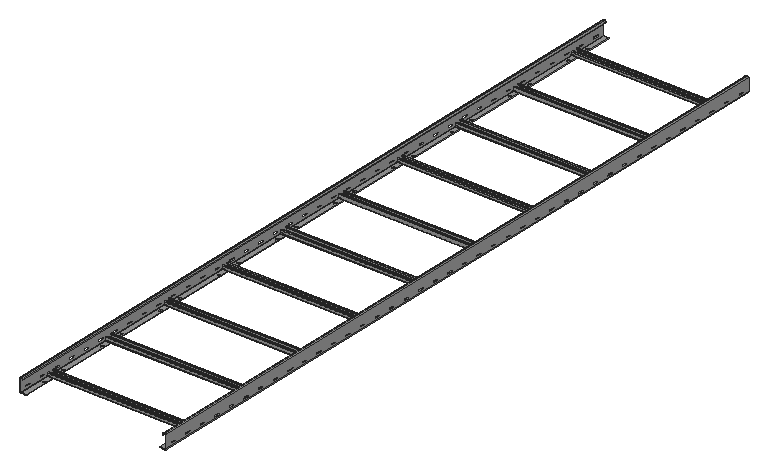
Revit family "LG 60 VS3", category Generic Models, Revit 2017
Family settings
  Can host rebar = No
  Round Connector Dimension = Use Diameter
  Part Type = Normal
  Work Plane-Based = No
  Always vertical = Yes
  Cut with Voids When Loaded = No
  Shared = No
  Room Calculation Point = No
Parameters (values of type "LG 660 VS 3 FS")
  Width/2 = 600 mm / 2  # 300 mm
  Width = 600 mm
  URL = "http://www.obo-bettermann.com"
  Material = Strip-galvanised
  Manufacturer Art.No. = "6208550"
  Manufacturer = "OBO Bettermann"
  Length = 3000 mm
  Height = 60 mm
  GTIN = "4012195064084"
  Cut's space 2 = 300 mm
  Cut's space = 75 mm
  Cut's number 2 = (Length / Cut's space 2)  # 10
  Cut's number = Length / Cut's space  # 40
  Article Type = "LG 660 VS 3 FS"
Reference planes
  plane 1 "Center (Front/Back)": y = 0
  plane 2: z = 0
  plane 3 "Center (Left/Right)": x = 0
  plane 4: z = 60
  plane 5: z = 51
  plane 6: z = 51
  plane 7: y = 37.5
  plane 8: z = 59.952
  plane 9: z = 58.389
  plane 10: z = 14
  plane 11: y = 149.969
  plane 12: x = -298.5
  plane 13: x = -323.544
  plane 14: y = 99.96
  plane 15: x = -282
  plane 16: z = 16.5
  plane 17: z = 16.565
  plane 18: z = 15
  plane 19: y = 141.46
  plane 20: y = 158.46
  plane 21: y = 441.46
  plane 22: y = 458.46
  plane 23: y = 199.96
  plane 24: y = 149.96
  plane 25: x = -300
  plane 26: x = -282
  plane 27: x = 282
  plane 28: y = 99.96
  plane 29: y = 199.96
  plane 30: y = 149.96
  plane 31: y = 149.96
  plane 32: x = 50
  plane 33: x = 100
  plane 34: x = 90
  plane 35: x = 109.86
  plane 36: x = 150
  plane 37: x = 200
  plane 38: x = 250
  plane 39: x = -50
  plane 40: x = -100
  plane 41: x = -150
  plane 42: x = -200
  plane 43: x = -210
  plane 44: x = -190.14
  plane 45: x = -250
  plane 46: y = 149.969
  plane 47: z = 16.5
  plane 48: y = 449.969
  plane 49: z = 16.5
  plane 50: y = 449.96
  plane 51: x = 50
  plane 52: x = 100
  plane 53: x = 90
  plane 54: x = 109.86
  plane 55: x = 150
  plane 56: x = 200
  plane 57: x = 250
  plane 58: x = -50
  plane 59: x = -100
  plane 60: x = -150
  plane 61: x = -200
  plane 62: x = -210
  plane 63: x = -190.14
  plane 64: x = -250
  plane 65: y = 749.969
  plane 66: z = 16.5
  plane 67: y = 749.96
  plane 68: x = 50
  plane 69: x = 100
  plane 70: x = 90
  plane 71: x = 109.86
  plane 72: x = 150
  plane 73: x = 200
  plane 74: x = 250
  plane 75: x = -50
  plane 76: x = -100
  plane 77: x = -150
  plane 78: x = -200
  plane 79: x = -210
  plane 80: x = -190.14
  plane 81: x = -250
  plane 82: y = 1049.969
  plane 83: z = 16.5
  plane 84: y = 1049.96
  plane 85: x = 50
  plane 86: x = 100
  plane 87: x = 90
  plane 88: x = 109.86
  plane 89: x = 150
  plane 90: x = 200
  plane 91: x = 250
  plane 92: x = -50
  plane 93: x = -100
  plane 94: x = -150
  plane 95: x = -200
  plane 96: x = -210
  plane 97: x = -190.14
  plane 98: x = -250
  plane 99: y = 1349.969
  plane 100: z = 16.5
  plane 101: y = 1349.96
  plane 102: x = 50
  plane 103: x = 100
  plane 104: x = 90
  plane 105: x = 109.86
  plane 106: x = 150
  plane 107: x = 200
  plane 108: x = 250
  plane 109: x = -50
  plane 110: x = -100
  plane 111: x = -150
  plane 112: x = -200
  plane 113: x = -210
  plane 114: x = -190.14
  plane 115: x = -250
  plane 116: y = 1649.969
  plane 117: z = 16.5
  plane 118: y = 1649.96
  plane 119: x = 50
  plane 120: x = 100
  plane 121: x = 90
  plane 122: x = 109.86
  plane 123: x = 150
  plane 124: x = 200
  plane 125: x = 250
  plane 126: x = -50
  plane 127: x = -100
  plane 128: x = -150
  plane 129: x = -200
  plane 130: x = -210
  plane 131: x = -190.14
  plane 132: x = -250
  plane 133: y = 1949.969
  plane 134: z = 16.5
  plane 135: y = 1949.96
  plane 136: x = 50
  plane 137: x = 100
  plane 138: x = 90
  plane 139: x = 109.86
  plane 140: x = 150
  plane 141: x = 200
  plane 142: x = 250
  plane 143: x = -50
  plane 144: x = -100
  plane 145: x = -150
  plane 146: x = -200
  plane 147: x = -210
  plane 148: x = -190.14
  plane 149: x = -250
  plane 150: y = 2249.969
  plane 151: z = 16.5
  plane 152: y = 2249.96
  plane 153: x = 50
  plane 154: x = 100
  plane 155: x = 90
  plane 156: x = 109.86
  plane 157: x = 150
  plane 158: x = 200
  plane 159: x = 250
  plane 160: x = -50
  plane 161: x = -100
  plane 162: x = -150
  plane 163: x = -200
  plane 164: x = -210
  plane 165: x = -190.14
  plane 166: x = -250
  plane 167: y = 2549.969
  plane 168: z = 16.5
  plane 169: y = 2549.96
  plane 170: x = 50
  plane 171: x = 100
  plane 172: x = 90
  plane 173: x = 109.86
  plane 174: x = 150
  plane 175: x = 200
  plane 176: x = 250
  plane 177: x = -50
  plane 178: x = -100
  plane 179: x = -150
  plane 180: x = -200
  plane 181: x = -210
  plane 182: x = -190.14
  plane 183: x = -250
  plane 184: y = 2849.969
  plane 185: z = 16.5
  plane 186: y = 2849.96
  plane 187: x = 50
  plane 188: x = 100
  plane 189: x = 90
  plane 190: x = 109.86
  plane 191: x = 150
  plane 192: x = 200
  plane 193: x = 250
  plane 194: x = -50
  plane 195: x = -100
  plane 196: x = -150
  plane 197: x = -200
  plane 198: x = -210
  plane 199: x = -190.14
  plane 200: x = -250
Forms (mm)
  Extrusion 1, solid, material "Strip-galvanised" <- "Material"
    sketch origin (0, 0, 0) x (1, 0, 0) y (0, 0, 1)
      loop
        line (-300, 53.952) -> (-300, 2.5)
        arc (-300, 2.5) -> (-299.268, 0.732) -> (-297.5, 0) r 2.5
        line (-297.5, 0) -> (-273, 0) -> (-273, 1.5) -> (-297.5, 1.5)
        arc (-297.5, 1.5) -> (-298.207, 1.793) -> (-298.5, 2.5) r 1
        line (-298.5, 2.5) -> (-298.5, 53.952)
        arc (-298.5, 53.952) -> (-294, 58.452) -> (-289.5, 53.952) r 4.5
        line (-289.5, 53.952) -> (-289.5, 51) -> (-288, 51) -> (-288, 53.952)
        arc (-288, 53.952) -> (-294, 59.952) -> (-300, 53.952) r 6
      loop
        arc (300, 54.052) -> (294, 60.052) -> (288, 54.052) r 6
        line (288, 54.052) -> (288, 51) -> (289.5, 51) -> (289.5, 54.052)
        arc (289.5, 54.052) -> (294, 58.552) -> (298.5, 54.052) r 4.5
        line (298.5, 54.052) -> (298.5, 2.5)
        arc (298.5, 2.5) -> (298.207, 1.793) -> (297.5, 1.5) r 1
        line (297.5, 1.5) -> (273, 1.5) -> (273, 0) -> (297.5, 0)
        arc (297.5, 0) -> (299.268, 0.732) -> (300, 2.5) r 2.5
        line (300, 2.5) -> (300, 54.052)
    from -3000 to 0
  Extrusion 2, void
    sketch origin (0, 0, 0) x (0, 1, 0) y (0, 0, 1)
      loop
        line (50.5, 18.5) -> (24.5, 18.5)
        arc (24.5, 18.5) -> (23.793, 18.207) -> (23.5, 17.5) r 1
        line (23.5, 17.5) -> (23.5, 10.5)
        arc (23.5, 10.5) -> (23.793, 9.793) -> (24.5, 9.5) r 1
        line (24.5, 9.5) -> (50.5, 9.5)
        arc (50.5, 9.5) -> (51.207, 9.793) -> (51.5, 10.5) r 1
        line (51.5, 10.5) -> (51.5, 17.5)
        arc (51.5, 17.5) -> (51.207, 18.207) -> (50.5, 18.5) r 1
    from 298.5 to 300
  Extrusion 3, void
    sketch origin (0, 75, 0) x (0, 1, 0) y (0, 0, 1)
      loop
        line (50.5, 18.5) -> (24.5, 18.5)
        arc (24.5, 18.5) -> (23.793, 18.207) -> (23.5, 17.5) r 1
        line (23.5, 17.5) -> (23.5, 10.5)
        arc (23.5, 10.5) -> (23.793, 9.793) -> (24.5, 9.5) r 1
        line (24.5, 9.5) -> (50.5, 9.5)
        arc (50.5, 9.5) -> (51.207, 9.793) -> (51.5, 10.5) r 1
        line (51.5, 10.5) -> (51.5, 17.5)
        arc (51.5, 17.5) -> (51.207, 18.207) -> (50.5, 18.5) r 1
    from 298.5 to 300
  Extrusion 4, void
    sketch origin (0, 150, 0) x (0, 1, 0) y (0, 0, 1)
      loop
        line (50.5, 18.5) -> (24.5, 18.5)
        arc (24.5, 18.5) -> (23.793, 18.207) -> (23.5, 17.5) r 1
        line (23.5, 17.5) -> (23.5, 10.5)
        arc (23.5, 10.5) -> (23.793, 9.793) -> (24.5, 9.5) r 1
        line (24.5, 9.5) -> (50.5, 9.5)
        arc (50.5, 9.5) -> (51.207, 9.793) -> (51.5, 10.5) r 1
        line (51.5, 10.5) -> (51.5, 17.5)
        arc (51.5, 17.5) -> (51.207, 18.207) -> (50.5, 18.5) r 1
    from 298.5 to 300
  Extrusion 5, void
    sketch origin (0, 225, 0) x (0, 1, 0) y (0, 0, 1)
      loop
        line (50.5, 18.5) -> (24.5, 18.5)
        arc (24.5, 18.5) -> (23.793, 18.207) -> (23.5, 17.5) r 1
        line (23.5, 17.5) -> (23.5, 10.5)
        arc (23.5, 10.5) -> (23.793, 9.793) -> (24.5, 9.5) r 1
        line (24.5, 9.5) -> (50.5, 9.5)
        arc (50.5, 9.5) -> (51.207, 9.793) -> (51.5, 10.5) r 1
        line (51.5, 10.5) -> (51.5, 17.5)
        arc (51.5, 17.5) -> (51.207, 18.207) -> (50.5, 18.5) r 1
    from 298.5 to 300
  Extrusion 6, void
    sketch origin (0, 300, 0) x (0, 1, 0) y (0, 0, 1)
      loop
        line (50.5, 18.5) -> (24.5, 18.5)
        arc (24.5, 18.5) -> (23.793, 18.207) -> (23.5, 17.5) r 1
        line (23.5, 17.5) -> (23.5, 10.5)
        arc (23.5, 10.5) -> (23.793, 9.793) -> (24.5, 9.5) r 1
        line (24.5, 9.5) -> (50.5, 9.5)
        arc (50.5, 9.5) -> (51.207, 9.793) -> (51.5, 10.5) r 1
        line (51.5, 10.5) -> (51.5, 17.5)
        arc (51.5, 17.5) -> (51.207, 18.207) -> (50.5, 18.5) r 1
    from 298.5 to 300
  Extrusion 7, void
    sketch origin (0, 375, 0) x (0, 1, 0) y (0, 0, 1)
      loop
        line (50.5, 18.5) -> (24.5, 18.5)
        arc (24.5, 18.5) -> (23.793, 18.207) -> (23.5, 17.5) r 1
        line (23.5, 17.5) -> (23.5, 10.5)
        arc (23.5, 10.5) -> (23.793, 9.793) -> (24.5, 9.5) r 1
        line (24.5, 9.5) -> (50.5, 9.5)
        arc (50.5, 9.5) -> (51.207, 9.793) -> (51.5, 10.5) r 1
        line (51.5, 10.5) -> (51.5, 17.5)
        arc (51.5, 17.5) -> (51.207, 18.207) -> (50.5, 18.5) r 1
    from 298.5 to 300
  Extrusion 8, void
    sketch origin (0, 450, 0) x (0, 1, 0) y (0, 0, 1)
      loop
        line (50.5, 18.5) -> (24.5, 18.5)
        arc (24.5, 18.5) -> (23.793, 18.207) -> (23.5, 17.5) r 1
        line (23.5, 17.5) -> (23.5, 10.5)
        arc (23.5, 10.5) -> (23.793, 9.793) -> (24.5, 9.5) r 1
        line (24.5, 9.5) -> (50.5, 9.5)
        arc (50.5, 9.5) -> (51.207, 9.793) -> (51.5, 10.5) r 1
        line (51.5, 10.5) -> (51.5, 17.5)
        arc (51.5, 17.5) -> (51.207, 18.207) -> (50.5, 18.5) r 1
    from 298.5 to 300
  Extrusion 9, void
    sketch origin (0, 525, 0) x (0, 1, 0) y (0, 0, 1)
      loop
        line (50.5, 18.5) -> (24.5, 18.5)
        arc (24.5, 18.5) -> (23.793, 18.207) -> (23.5, 17.5) r 1
        line (23.5, 17.5) -> (23.5, 10.5)
        arc (23.5, 10.5) -> (23.793, 9.793) -> (24.5, 9.5) r 1
        line (24.5, 9.5) -> (50.5, 9.5)
        arc (50.5, 9.5) -> (51.207, 9.793) -> (51.5, 10.5) r 1
        line (51.5, 10.5) -> (51.5, 17.5)
        arc (51.5, 17.5) -> (51.207, 18.207) -> (50.5, 18.5) r 1
    from 298.5 to 300
  Extrusion 10, void
    sketch origin (0, 600, 0) x (0, 1, 0) y (0, 0, 1)
      loop
        line (50.5, 18.5) -> (24.5, 18.5)
        arc (24.5, 18.5) -> (23.793, 18.207) -> (23.5, 17.5) r 1
        line (23.5, 17.5) -> (23.5, 10.5)
        arc (23.5, 10.5) -> (23.793, 9.793) -> (24.5, 9.5) r 1
        line (24.5, 9.5) -> (50.5, 9.5)
        arc (50.5, 9.5) -> (51.207, 9.793) -> (51.5, 10.5) r 1
        line (51.5, 10.5) -> (51.5, 17.5)
        arc (51.5, 17.5) -> (51.207, 18.207) -> (50.5, 18.5) r 1
    from 298.5 to 300
  Extrusion 11, void
    sketch origin (0, 675, 0) x (0, 1, 0) y (0, 0, 1)
      loop
        line (50.5, 18.5) -> (24.5, 18.5)
        arc (24.5, 18.5) -> (23.793, 18.207) -> (23.5, 17.5) r 1
        line (23.5, 17.5) -> (23.5, 10.5)
        arc (23.5, 10.5) -> (23.793, 9.793) -> (24.5, 9.5) r 1
        line (24.5, 9.5) -> (50.5, 9.5)
        arc (50.5, 9.5) -> (51.207, 9.793) -> (51.5, 10.5) r 1
        line (51.5, 10.5) -> (51.5, 17.5)
        arc (51.5, 17.5) -> (51.207, 18.207) -> (50.5, 18.5) r 1
    from 298.5 to 300
  Extrusion 12, void
    sketch origin (0, 750, 0) x (0, 1, 0) y (0, 0, 1)
      loop
        line (50.5, 18.5) -> (24.5, 18.5)
        arc (24.5, 18.5) -> (23.793, 18.207) -> (23.5, 17.5) r 1
        line (23.5, 17.5) -> (23.5, 10.5)
        arc (23.5, 10.5) -> (23.793, 9.793) -> (24.5, 9.5) r 1
        line (24.5, 9.5) -> (50.5, 9.5)
        arc (50.5, 9.5) -> (51.207, 9.793) -> (51.5, 10.5) r 1
        line (51.5, 10.5) -> (51.5, 17.5)
        arc (51.5, 17.5) -> (51.207, 18.207) -> (50.5, 18.5) r 1
    from 298.5 to 300
  Extrusion 13, void
    sketch origin (0, 825, 0) x (0, 1, 0) y (0, 0, 1)
      loop
        line (50.5, 18.5) -> (24.5, 18.5)
        arc (24.5, 18.5) -> (23.793, 18.207) -> (23.5, 17.5) r 1
        line (23.5, 17.5) -> (23.5, 10.5)
        arc (23.5, 10.5) -> (23.793, 9.793) -> (24.5, 9.5) r 1
        line (24.5, 9.5) -> (50.5, 9.5)
        arc (50.5, 9.5) -> (51.207, 9.793) -> (51.5, 10.5) r 1
        line (51.5, 10.5) -> (51.5, 17.5)
        arc (51.5, 17.5) -> (51.207, 18.207) -> (50.5, 18.5) r 1
    from 298.5 to 300
  Extrusion 14, void
    sketch origin (0, 900, 0) x (0, 1, 0) y (0, 0, 1)
      loop
        line (50.5, 18.5) -> (24.5, 18.5)
        arc (24.5, 18.5) -> (23.793, 18.207) -> (23.5, 17.5) r 1
        line (23.5, 17.5) -> (23.5, 10.5)
        arc (23.5, 10.5) -> (23.793, 9.793) -> (24.5, 9.5) r 1
        line (24.5, 9.5) -> (50.5, 9.5)
        arc (50.5, 9.5) -> (51.207, 9.793) -> (51.5, 10.5) r 1
        line (51.5, 10.5) -> (51.5, 17.5)
        arc (51.5, 17.5) -> (51.207, 18.207) -> (50.5, 18.5) r 1
    from 298.5 to 300
  Extrusion 15, void
    sketch origin (0, 975, 0) x (0, 1, 0) y (0, 0, 1)
      loop
        line (50.5, 18.5) -> (24.5, 18.5)
        arc (24.5, 18.5) -> (23.793, 18.207) -> (23.5, 17.5) r 1
        line (23.5, 17.5) -> (23.5, 10.5)
        arc (23.5, 10.5) -> (23.793, 9.793) -> (24.5, 9.5) r 1
        line (24.5, 9.5) -> (50.5, 9.5)
        arc (50.5, 9.5) -> (51.207, 9.793) -> (51.5, 10.5) r 1
        line (51.5, 10.5) -> (51.5, 17.5)
        arc (51.5, 17.5) -> (51.207, 18.207) -> (50.5, 18.5) r 1
    from 298.5 to 300
  Extrusion 16, void
    sketch origin (0, 1050, 0) x (0, 1, 0) y (0, 0, 1)
      loop
        line (50.5, 18.5) -> (24.5, 18.5)
        arc (24.5, 18.5) -> (23.793, 18.207) -> (23.5, 17.5) r 1
        line (23.5, 17.5) -> (23.5, 10.5)
        arc (23.5, 10.5) -> (23.793, 9.793) -> (24.5, 9.5) r 1
        line (24.5, 9.5) -> (50.5, 9.5)
        arc (50.5, 9.5) -> (51.207, 9.793) -> (51.5, 10.5) r 1
        line (51.5, 10.5) -> (51.5, 17.5)
        arc (51.5, 17.5) -> (51.207, 18.207) -> (50.5, 18.5) r 1
    from 298.5 to 300
  Extrusion 17, void
    sketch origin (0, 1125, 0) x (0, 1, 0) y (0, 0, 1)
      loop
        line (50.5, 18.5) -> (24.5, 18.5)
        arc (24.5, 18.5) -> (23.793, 18.207) -> (23.5, 17.5) r 1
        line (23.5, 17.5) -> (23.5, 10.5)
        arc (23.5, 10.5) -> (23.793, 9.793) -> (24.5, 9.5) r 1
        line (24.5, 9.5) -> (50.5, 9.5)
        arc (50.5, 9.5) -> (51.207, 9.793) -> (51.5, 10.5) r 1
        line (51.5, 10.5) -> (51.5, 17.5)
        arc (51.5, 17.5) -> (51.207, 18.207) -> (50.5, 18.5) r 1
    from 298.5 to 300
  Extrusion 18, void
    sketch origin (0, 1200, 0) x (0, 1, 0) y (0, 0, 1)
      loop
        line (50.5, 18.5) -> (24.5, 18.5)
        arc (24.5, 18.5) -> (23.793, 18.207) -> (23.5, 17.5) r 1
        line (23.5, 17.5) -> (23.5, 10.5)
        arc (23.5, 10.5) -> (23.793, 9.793) -> (24.5, 9.5) r 1
        line (24.5, 9.5) -> (50.5, 9.5)
        arc (50.5, 9.5) -> (51.207, 9.793) -> (51.5, 10.5) r 1
        line (51.5, 10.5) -> (51.5, 17.5)
        arc (51.5, 17.5) -> (51.207, 18.207) -> (50.5, 18.5) r 1
    from 298.5 to 300
  Extrusion 19, void
    sketch origin (0, 1275, 0) x (0, 1, 0) y (0, 0, 1)
      loop
        line (50.5, 18.5) -> (24.5, 18.5)
        arc (24.5, 18.5) -> (23.793, 18.207) -> (23.5, 17.5) r 1
        line (23.5, 17.5) -> (23.5, 10.5)
        arc (23.5, 10.5) -> (23.793, 9.793) -> (24.5, 9.5) r 1
        line (24.5, 9.5) -> (50.5, 9.5)
        arc (50.5, 9.5) -> (51.207, 9.793) -> (51.5, 10.5) r 1
        line (51.5, 10.5) -> (51.5, 17.5)
        arc (51.5, 17.5) -> (51.207, 18.207) -> (50.5, 18.5) r 1
    from 298.5 to 300
  Extrusion 20, void
    sketch origin (0, 1350, 0) x (0, 1, 0) y (0, 0, 1)
      loop
        line (50.5, 18.5) -> (24.5, 18.5)
        arc (24.5, 18.5) -> (23.793, 18.207) -> (23.5, 17.5) r 1
        line (23.5, 17.5) -> (23.5, 10.5)
        arc (23.5, 10.5) -> (23.793, 9.793) -> (24.5, 9.5) r 1
        line (24.5, 9.5) -> (50.5, 9.5)
        arc (50.5, 9.5) -> (51.207, 9.793) -> (51.5, 10.5) r 1
        line (51.5, 10.5) -> (51.5, 17.5)
        arc (51.5, 17.5) -> (51.207, 18.207) -> (50.5, 18.5) r 1
    from 298.5 to 300
  Extrusion 21, void
    sketch origin (0, 1425, 0) x (0, 1, 0) y (0, 0, 1)
      loop
        line (50.5, 18.5) -> (24.5, 18.5)
        arc (24.5, 18.5) -> (23.793, 18.207) -> (23.5, 17.5) r 1
        line (23.5, 17.5) -> (23.5, 10.5)
        arc (23.5, 10.5) -> (23.793, 9.793) -> (24.5, 9.5) r 1
        line (24.5, 9.5) -> (50.5, 9.5)
        arc (50.5, 9.5) -> (51.207, 9.793) -> (51.5, 10.5) r 1
        line (51.5, 10.5) -> (51.5, 17.5)
        arc (51.5, 17.5) -> (51.207, 18.207) -> (50.5, 18.5) r 1
    from 298.5 to 300
  Extrusion 22, void
    sketch origin (0, 1500, 0) x (0, 1, 0) y (0, 0, 1)
      loop
        line (50.5, 18.5) -> (24.5, 18.5)
        arc (24.5, 18.5) -> (23.793, 18.207) -> (23.5, 17.5) r 1
        line (23.5, 17.5) -> (23.5, 10.5)
        arc (23.5, 10.5) -> (23.793, 9.793) -> (24.5, 9.5) r 1
        line (24.5, 9.5) -> (50.5, 9.5)
        arc (50.5, 9.5) -> (51.207, 9.793) -> (51.5, 10.5) r 1
        line (51.5, 10.5) -> (51.5, 17.5)
        arc (51.5, 17.5) -> (51.207, 18.207) -> (50.5, 18.5) r 1
    from 298.5 to 300
  Extrusion 23, void
    sketch origin (0, 1575, 0) x (0, 1, 0) y (0, 0, 1)
      loop
        line (50.5, 18.5) -> (24.5, 18.5)
        arc (24.5, 18.5) -> (23.793, 18.207) -> (23.5, 17.5) r 1
        line (23.5, 17.5) -> (23.5, 10.5)
        arc (23.5, 10.5) -> (23.793, 9.793) -> (24.5, 9.5) r 1
        line (24.5, 9.5) -> (50.5, 9.5)
        arc (50.5, 9.5) -> (51.207, 9.793) -> (51.5, 10.5) r 1
        line (51.5, 10.5) -> (51.5, 17.5)
        arc (51.5, 17.5) -> (51.207, 18.207) -> (50.5, 18.5) r 1
    from 298.5 to 300
  Extrusion 24, void
    sketch origin (0, 1650, 0) x (0, 1, 0) y (0, 0, 1)
      loop
        line (50.5, 18.5) -> (24.5, 18.5)
        arc (24.5, 18.5) -> (23.793, 18.207) -> (23.5, 17.5) r 1
        line (23.5, 17.5) -> (23.5, 10.5)
        arc (23.5, 10.5) -> (23.793, 9.793) -> (24.5, 9.5) r 1
        line (24.5, 9.5) -> (50.5, 9.5)
        arc (50.5, 9.5) -> (51.207, 9.793) -> (51.5, 10.5) r 1
        line (51.5, 10.5) -> (51.5, 17.5)
        arc (51.5, 17.5) -> (51.207, 18.207) -> (50.5, 18.5) r 1
    from 298.5 to 300
  Extrusion 25, void
    sketch origin (0, 1725, 0) x (0, 1, 0) y (0, 0, 1)
      loop
        line (50.5, 18.5) -> (24.5, 18.5)
        arc (24.5, 18.5) -> (23.793, 18.207) -> (23.5, 17.5) r 1
        line (23.5, 17.5) -> (23.5, 10.5)
        arc (23.5, 10.5) -> (23.793, 9.793) -> (24.5, 9.5) r 1
        line (24.5, 9.5) -> (50.5, 9.5)
        arc (50.5, 9.5) -> (51.207, 9.793) -> (51.5, 10.5) r 1
        line (51.5, 10.5) -> (51.5, 17.5)
        arc (51.5, 17.5) -> (51.207, 18.207) -> (50.5, 18.5) r 1
    from 298.5 to 300
  Extrusion 26, void
    sketch origin (0, 1800, 0) x (0, 1, 0) y (0, 0, 1)
      loop
        line (50.5, 18.5) -> (24.5, 18.5)
        arc (24.5, 18.5) -> (23.793, 18.207) -> (23.5, 17.5) r 1
        line (23.5, 17.5) -> (23.5, 10.5)
        arc (23.5, 10.5) -> (23.793, 9.793) -> (24.5, 9.5) r 1
        line (24.5, 9.5) -> (50.5, 9.5)
        arc (50.5, 9.5) -> (51.207, 9.793) -> (51.5, 10.5) r 1
        line (51.5, 10.5) -> (51.5, 17.5)
        arc (51.5, 17.5) -> (51.207, 18.207) -> (50.5, 18.5) r 1
    from 298.5 to 300
  Extrusion 27, void
    sketch origin (0, 1875, 0) x (0, 1, 0) y (0, 0, 1)
      loop
        line (50.5, 18.5) -> (24.5, 18.5)
        arc (24.5, 18.5) -> (23.793, 18.207) -> (23.5, 17.5) r 1
        line (23.5, 17.5) -> (23.5, 10.5)
        arc (23.5, 10.5) -> (23.793, 9.793) -> (24.5, 9.5) r 1
        line (24.5, 9.5) -> (50.5, 9.5)
        arc (50.5, 9.5) -> (51.207, 9.793) -> (51.5, 10.5) r 1
        line (51.5, 10.5) -> (51.5, 17.5)
        arc (51.5, 17.5) -> (51.207, 18.207) -> (50.5, 18.5) r 1
    from 298.5 to 300
  Extrusion 28, void
    sketch origin (0, 1950, 0) x (0, 1, 0) y (0, 0, 1)
      loop
        line (50.5, 18.5) -> (24.5, 18.5)
        arc (24.5, 18.5) -> (23.793, 18.207) -> (23.5, 17.5) r 1
        line (23.5, 17.5) -> (23.5, 10.5)
        arc (23.5, 10.5) -> (23.793, 9.793) -> (24.5, 9.5) r 1
        line (24.5, 9.5) -> (50.5, 9.5)
        arc (50.5, 9.5) -> (51.207, 9.793) -> (51.5, 10.5) r 1
        line (51.5, 10.5) -> (51.5, 17.5)
        arc (51.5, 17.5) -> (51.207, 18.207) -> (50.5, 18.5) r 1
    from 298.5 to 300
  Extrusion 29, void
    sketch origin (0, 2025, 0) x (0, 1, 0) y (0, 0, 1)
      loop
        line (50.5, 18.5) -> (24.5, 18.5)
        arc (24.5, 18.5) -> (23.793, 18.207) -> (23.5, 17.5) r 1
        line (23.5, 17.5) -> (23.5, 10.5)
        arc (23.5, 10.5) -> (23.793, 9.793) -> (24.5, 9.5) r 1
        line (24.5, 9.5) -> (50.5, 9.5)
        arc (50.5, 9.5) -> (51.207, 9.793) -> (51.5, 10.5) r 1
        line (51.5, 10.5) -> (51.5, 17.5)
        arc (51.5, 17.5) -> (51.207, 18.207) -> (50.5, 18.5) r 1
    from 298.5 to 300
  Extrusion 30, void
    sketch origin (0, 2100, 0) x (0, 1, 0) y (0, 0, 1)
      loop
        line (50.5, 18.5) -> (24.5, 18.5)
        arc (24.5, 18.5) -> (23.793, 18.207) -> (23.5, 17.5) r 1
        line (23.5, 17.5) -> (23.5, 10.5)
        arc (23.5, 10.5) -> (23.793, 9.793) -> (24.5, 9.5) r 1
        line (24.5, 9.5) -> (50.5, 9.5)
        arc (50.5, 9.5) -> (51.207, 9.793) -> (51.5, 10.5) r 1
        line (51.5, 10.5) -> (51.5, 17.5)
        arc (51.5, 17.5) -> (51.207, 18.207) -> (50.5, 18.5) r 1
    from 298.5 to 300
  Extrusion 31, void
    sketch origin (0, 2175, 0) x (0, 1, 0) y (0, 0, 1)
      loop
        line (50.5, 18.5) -> (24.5, 18.5)
        arc (24.5, 18.5) -> (23.793, 18.207) -> (23.5, 17.5) r 1
        line (23.5, 17.5) -> (23.5, 10.5)
        arc (23.5, 10.5) -> (23.793, 9.793) -> (24.5, 9.5) r 1
        line (24.5, 9.5) -> (50.5, 9.5)
        arc (50.5, 9.5) -> (51.207, 9.793) -> (51.5, 10.5) r 1
        line (51.5, 10.5) -> (51.5, 17.5)
        arc (51.5, 17.5) -> (51.207, 18.207) -> (50.5, 18.5) r 1
    from 298.5 to 300
  Extrusion 32, void
    sketch origin (0, 2250, 0) x (0, 1, 0) y (0, 0, 1)
      loop
        line (50.5, 18.5) -> (24.5, 18.5)
        arc (24.5, 18.5) -> (23.793, 18.207) -> (23.5, 17.5) r 1
        line (23.5, 17.5) -> (23.5, 10.5)
        arc (23.5, 10.5) -> (23.793, 9.793) -> (24.5, 9.5) r 1
        line (24.5, 9.5) -> (50.5, 9.5)
        arc (50.5, 9.5) -> (51.207, 9.793) -> (51.5, 10.5) r 1
        line (51.5, 10.5) -> (51.5, 17.5)
        arc (51.5, 17.5) -> (51.207, 18.207) -> (50.5, 18.5) r 1
    from 298.5 to 300
  Extrusion 33, void
    sketch origin (0, 2325, 0) x (0, 1, 0) y (0, 0, 1)
      loop
        line (50.5, 18.5) -> (24.5, 18.5)
        arc (24.5, 18.5) -> (23.793, 18.207) -> (23.5, 17.5) r 1
        line (23.5, 17.5) -> (23.5, 10.5)
        arc (23.5, 10.5) -> (23.793, 9.793) -> (24.5, 9.5) r 1
        line (24.5, 9.5) -> (50.5, 9.5)
        arc (50.5, 9.5) -> (51.207, 9.793) -> (51.5, 10.5) r 1
        line (51.5, 10.5) -> (51.5, 17.5)
        arc (51.5, 17.5) -> (51.207, 18.207) -> (50.5, 18.5) r 1
    from 298.5 to 300
  Extrusion 34, void
    sketch origin (0, 2400, 0) x (0, 1, 0) y (0, 0, 1)
      loop
        line (50.5, 18.5) -> (24.5, 18.5)
        arc (24.5, 18.5) -> (23.793, 18.207) -> (23.5, 17.5) r 1
        line (23.5, 17.5) -> (23.5, 10.5)
        arc (23.5, 10.5) -> (23.793, 9.793) -> (24.5, 9.5) r 1
        line (24.5, 9.5) -> (50.5, 9.5)
        arc (50.5, 9.5) -> (51.207, 9.793) -> (51.5, 10.5) r 1
        line (51.5, 10.5) -> (51.5, 17.5)
        arc (51.5, 17.5) -> (51.207, 18.207) -> (50.5, 18.5) r 1
    from 298.5 to 300
  Extrusion 35, void
    sketch origin (0, 2475, 0) x (0, 1, 0) y (0, 0, 1)
      loop
        line (50.5, 18.5) -> (24.5, 18.5)
        arc (24.5, 18.5) -> (23.793, 18.207) -> (23.5, 17.5) r 1
        line (23.5, 17.5) -> (23.5, 10.5)
        arc (23.5, 10.5) -> (23.793, 9.793) -> (24.5, 9.5) r 1
        line (24.5, 9.5) -> (50.5, 9.5)
        arc (50.5, 9.5) -> (51.207, 9.793) -> (51.5, 10.5) r 1
        line (51.5, 10.5) -> (51.5, 17.5)
        arc (51.5, 17.5) -> (51.207, 18.207) -> (50.5, 18.5) r 1
    from 298.5 to 300
  Extrusion 36, void
    sketch origin (0, 2550, 0) x (0, 1, 0) y (0, 0, 1)
      loop
        line (50.5, 18.5) -> (24.5, 18.5)
        arc (24.5, 18.5) -> (23.793, 18.207) -> (23.5, 17.5) r 1
        line (23.5, 17.5) -> (23.5, 10.5)
        arc (23.5, 10.5) -> (23.793, 9.793) -> (24.5, 9.5) r 1
        line (24.5, 9.5) -> (50.5, 9.5)
        arc (50.5, 9.5) -> (51.207, 9.793) -> (51.5, 10.5) r 1
        line (51.5, 10.5) -> (51.5, 17.5)
        arc (51.5, 17.5) -> (51.207, 18.207) -> (50.5, 18.5) r 1
    from 298.5 to 300
  Extrusion 37, void
    sketch origin (0, 2625, 0) x (0, 1, 0) y (0, 0, 1)
      loop
        line (50.5, 18.5) -> (24.5, 18.5)
        arc (24.5, 18.5) -> (23.793, 18.207) -> (23.5, 17.5) r 1
        line (23.5, 17.5) -> (23.5, 10.5)
        arc (23.5, 10.5) -> (23.793, 9.793) -> (24.5, 9.5) r 1
        line (24.5, 9.5) -> (50.5, 9.5)
        arc (50.5, 9.5) -> (51.207, 9.793) -> (51.5, 10.5) r 1
        line (51.5, 10.5) -> (51.5, 17.5)
        arc (51.5, 17.5) -> (51.207, 18.207) -> (50.5, 18.5) r 1
    from 298.5 to 300
  Extrusion 38, void
    sketch origin (0, 2700, 0) x (0, 1, 0) y (0, 0, 1)
      loop
        line (50.5, 18.5) -> (24.5, 18.5)
        arc (24.5, 18.5) -> (23.793, 18.207) -> (23.5, 17.5) r 1
        line (23.5, 17.5) -> (23.5, 10.5)
        arc (23.5, 10.5) -> (23.793, 9.793) -> (24.5, 9.5) r 1
        line (24.5, 9.5) -> (50.5, 9.5)
        arc (50.5, 9.5) -> (51.207, 9.793) -> (51.5, 10.5) r 1
        line (51.5, 10.5) -> (51.5, 17.5)
        arc (51.5, 17.5) -> (51.207, 18.207) -> (50.5, 18.5) r 1
    from 298.5 to 300
  Extrusion 39, void
    sketch origin (0, 2775, 0) x (0, 1, 0) y (0, 0, 1)
      loop
        line (50.5, 18.5) -> (24.5, 18.5)
        arc (24.5, 18.5) -> (23.793, 18.207) -> (23.5, 17.5) r 1
        line (23.5, 17.5) -> (23.5, 10.5)
        arc (23.5, 10.5) -> (23.793, 9.793) -> (24.5, 9.5) r 1
        line (24.5, 9.5) -> (50.5, 9.5)
        arc (50.5, 9.5) -> (51.207, 9.793) -> (51.5, 10.5) r 1
        line (51.5, 10.5) -> (51.5, 17.5)
        arc (51.5, 17.5) -> (51.207, 18.207) -> (50.5, 18.5) r 1
    from 298.5 to 300
  Extrusion 40, void
    sketch origin (0, 2850, 0) x (0, 1, 0) y (0, 0, 1)
      loop
        line (50.5, 18.5) -> (24.5, 18.5)
        arc (24.5, 18.5) -> (23.793, 18.207) -> (23.5, 17.5) r 1
        line (23.5, 17.5) -> (23.5, 10.5)
        arc (23.5, 10.5) -> (23.793, 9.793) -> (24.5, 9.5) r 1
        line (24.5, 9.5) -> (50.5, 9.5)
        arc (50.5, 9.5) -> (51.207, 9.793) -> (51.5, 10.5) r 1
        line (51.5, 10.5) -> (51.5, 17.5)
        arc (51.5, 17.5) -> (51.207, 18.207) -> (50.5, 18.5) r 1
    from 298.5 to 300
  Extrusion 41, void
    sketch origin (0, 2925, 0) x (0, 1, 0) y (0, 0, 1)
      loop
        line (50.5, 18.5) -> (24.5, 18.5)
        arc (24.5, 18.5) -> (23.793, 18.207) -> (23.5, 17.5) r 1
        line (23.5, 17.5) -> (23.5, 10.5)
        arc (23.5, 10.5) -> (23.793, 9.793) -> (24.5, 9.5) r 1
        line (24.5, 9.5) -> (50.5, 9.5)
        arc (50.5, 9.5) -> (51.207, 9.793) -> (51.5, 10.5) r 1
        line (51.5, 10.5) -> (51.5, 17.5)
        arc (51.5, 17.5) -> (51.207, 18.207) -> (50.5, 18.5) r 1
    from 298.5 to 300
  Extrusion 42, void
    sketch origin (0, 0, 0) x (0, 1, 0) y (0, 0, 1)
      loop
        line (50.5, 18.5) -> (24.5, 18.5)
        arc (24.5, 18.5) -> (23.793, 18.207) -> (23.5, 17.5) r 1
        line (23.5, 17.5) -> (23.5, 10.5)
        arc (23.5, 10.5) -> (23.793, 9.793) -> (24.5, 9.5) r 1
        line (24.5, 9.5) -> (50.5, 9.5)
        arc (50.5, 9.5) -> (51.207, 9.793) -> (51.5, 10.5) r 1
        line (51.5, 10.5) -> (51.5, 17.5)
        arc (51.5, 17.5) -> (51.207, 18.207) -> (50.5, 18.5) r 1
    from -300 to -298.5
  Extrusion 43, void
    sketch origin (0, 75, 0) x (0, 1, 0) y (0, 0, 1)
      loop
        line (50.5, 18.5) -> (24.5, 18.5)
        arc (24.5, 18.5) -> (23.793, 18.207) -> (23.5, 17.5) r 1
        line (23.5, 17.5) -> (23.5, 10.5)
        arc (23.5, 10.5) -> (23.793, 9.793) -> (24.5, 9.5) r 1
        line (24.5, 9.5) -> (50.5, 9.5)
        arc (50.5, 9.5) -> (51.207, 9.793) -> (51.5, 10.5) r 1
        line (51.5, 10.5) -> (51.5, 17.5)
        arc (51.5, 17.5) -> (51.207, 18.207) -> (50.5, 18.5) r 1
    from -300 to -298.5
  Extrusion 44, void
    sketch origin (0, 150, 0) x (0, 1, 0) y (0, 0, 1)
      loop
        line (50.5, 18.5) -> (24.5, 18.5)
        arc (24.5, 18.5) -> (23.793, 18.207) -> (23.5, 17.5) r 1
        line (23.5, 17.5) -> (23.5, 10.5)
        arc (23.5, 10.5) -> (23.793, 9.793) -> (24.5, 9.5) r 1
        line (24.5, 9.5) -> (50.5, 9.5)
        arc (50.5, 9.5) -> (51.207, 9.793) -> (51.5, 10.5) r 1
        line (51.5, 10.5) -> (51.5, 17.5)
        arc (51.5, 17.5) -> (51.207, 18.207) -> (50.5, 18.5) r 1
    from -300 to -298.5
  Extrusion 45, void
    sketch origin (0, 225, 0) x (0, 1, 0) y (0, 0, 1)
      loop
        line (50.5, 18.5) -> (24.5, 18.5)
        arc (24.5, 18.5) -> (23.793, 18.207) -> (23.5, 17.5) r 1
        line (23.5, 17.5) -> (23.5, 10.5)
        arc (23.5, 10.5) -> (23.793, 9.793) -> (24.5, 9.5) r 1
        line (24.5, 9.5) -> (50.5, 9.5)
        arc (50.5, 9.5) -> (51.207, 9.793) -> (51.5, 10.5) r 1
        line (51.5, 10.5) -> (51.5, 17.5)
        arc (51.5, 17.5) -> (51.207, 18.207) -> (50.5, 18.5) r 1
    from -300 to -298.5
  Extrusion 46, void
    sketch origin (0, 300, 0) x (0, 1, 0) y (0, 0, 1)
      loop
        line (50.5, 18.5) -> (24.5, 18.5)
        arc (24.5, 18.5) -> (23.793, 18.207) -> (23.5, 17.5) r 1
        line (23.5, 17.5) -> (23.5, 10.5)
        arc (23.5, 10.5) -> (23.793, 9.793) -> (24.5, 9.5) r 1
        line (24.5, 9.5) -> (50.5, 9.5)
        arc (50.5, 9.5) -> (51.207, 9.793) -> (51.5, 10.5) r 1
        line (51.5, 10.5) -> (51.5, 17.5)
        arc (51.5, 17.5) -> (51.207, 18.207) -> (50.5, 18.5) r 1
    from -300 to -298.5
  Extrusion 47, void
    sketch origin (0, 375, 0) x (0, 1, 0) y (0, 0, 1)
      loop
        line (50.5, 18.5) -> (24.5, 18.5)
        arc (24.5, 18.5) -> (23.793, 18.207) -> (23.5, 17.5) r 1
        line (23.5, 17.5) -> (23.5, 10.5)
        arc (23.5, 10.5) -> (23.793, 9.793) -> (24.5, 9.5) r 1
        line (24.5, 9.5) -> (50.5, 9.5)
        arc (50.5, 9.5) -> (51.207, 9.793) -> (51.5, 10.5) r 1
        line (51.5, 10.5) -> (51.5, 17.5)
        arc (51.5, 17.5) -> (51.207, 18.207) -> (50.5, 18.5) r 1
    from -300 to -298.5
  Extrusion 48, void
    sketch origin (0, 450, 0) x (0, 1, 0) y (0, 0, 1)
      loop
        line (50.5, 18.5) -> (24.5, 18.5)
        arc (24.5, 18.5) -> (23.793, 18.207) -> (23.5, 17.5) r 1
        line (23.5, 17.5) -> (23.5, 10.5)
        arc (23.5, 10.5) -> (23.793, 9.793) -> (24.5, 9.5) r 1
        line (24.5, 9.5) -> (50.5, 9.5)
        arc (50.5, 9.5) -> (51.207, 9.793) -> (51.5, 10.5) r 1
        line (51.5, 10.5) -> (51.5, 17.5)
        arc (51.5, 17.5) -> (51.207, 18.207) -> (50.5, 18.5) r 1
    from -300 to -298.5
  Extrusion 49, void
    sketch origin (0, 525, 0) x (0, 1, 0) y (0, 0, 1)
      loop
        line (50.5, 18.5) -> (24.5, 18.5)
        arc (24.5, 18.5) -> (23.793, 18.207) -> (23.5, 17.5) r 1
        line (23.5, 17.5) -> (23.5, 10.5)
        arc (23.5, 10.5) -> (23.793, 9.793) -> (24.5, 9.5) r 1
        line (24.5, 9.5) -> (50.5, 9.5)
        arc (50.5, 9.5) -> (51.207, 9.793) -> (51.5, 10.5) r 1
        line (51.5, 10.5) -> (51.5, 17.5)
        arc (51.5, 17.5) -> (51.207, 18.207) -> (50.5, 18.5) r 1
    from -300 to -298.5
  Extrusion 50, void
    sketch origin (0, 600, 0) x (0, 1, 0) y (0, 0, 1)
      loop
        line (50.5, 18.5) -> (24.5, 18.5)
        arc (24.5, 18.5) -> (23.793, 18.207) -> (23.5, 17.5) r 1
        line (23.5, 17.5) -> (23.5, 10.5)
        arc (23.5, 10.5) -> (23.793, 9.793) -> (24.5, 9.5) r 1
        line (24.5, 9.5) -> (50.5, 9.5)
        arc (50.5, 9.5) -> (51.207, 9.793) -> (51.5, 10.5) r 1
        line (51.5, 10.5) -> (51.5, 17.5)
        arc (51.5, 17.5) -> (51.207, 18.207) -> (50.5, 18.5) r 1
    from -300 to -298.5
  Extrusion 51, void
    sketch origin (0, 675, 0) x (0, 1, 0) y (0, 0, 1)
      loop
        line (50.5, 18.5) -> (24.5, 18.5)
        arc (24.5, 18.5) -> (23.793, 18.207) -> (23.5, 17.5) r 1
        line (23.5, 17.5) -> (23.5, 10.5)
        arc (23.5, 10.5) -> (23.793, 9.793) -> (24.5, 9.5) r 1
        line (24.5, 9.5) -> (50.5, 9.5)
        arc (50.5, 9.5) -> (51.207, 9.793) -> (51.5, 10.5) r 1
        line (51.5, 10.5) -> (51.5, 17.5)
        arc (51.5, 17.5) -> (51.207, 18.207) -> (50.5, 18.5) r 1
    from -300 to -298.5
  Extrusion 52, void
    sketch origin (0, 750, 0) x (0, 1, 0) y (0, 0, 1)
      loop
        line (50.5, 18.5) -> (24.5, 18.5)
        arc (24.5, 18.5) -> (23.793, 18.207) -> (23.5, 17.5) r 1
        line (23.5, 17.5) -> (23.5, 10.5)
        arc (23.5, 10.5) -> (23.793, 9.793) -> (24.5, 9.5) r 1
        line (24.5, 9.5) -> (50.5, 9.5)
        arc (50.5, 9.5) -> (51.207, 9.793) -> (51.5, 10.5) r 1
        line (51.5, 10.5) -> (51.5, 17.5)
        arc (51.5, 17.5) -> (51.207, 18.207) -> (50.5, 18.5) r 1
    from -300 to -298.5
  Extrusion 53, void
    sketch origin (0, 825, 0) x (0, 1, 0) y (0, 0, 1)
      loop
        line (50.5, 18.5) -> (24.5, 18.5)
        arc (24.5, 18.5) -> (23.793, 18.207) -> (23.5, 17.5) r 1
        line (23.5, 17.5) -> (23.5, 10.5)
        arc (23.5, 10.5) -> (23.793, 9.793) -> (24.5, 9.5) r 1
        line (24.5, 9.5) -> (50.5, 9.5)
        arc (50.5, 9.5) -> (51.207, 9.793) -> (51.5, 10.5) r 1
        line (51.5, 10.5) -> (51.5, 17.5)
        arc (51.5, 17.5) -> (51.207, 18.207) -> (50.5, 18.5) r 1
    from -300 to -298.5
  Extrusion 54, void
    sketch origin (0, 900, 0) x (0, 1, 0) y (0, 0, 1)
      loop
        line (50.5, 18.5) -> (24.5, 18.5)
        arc (24.5, 18.5) -> (23.793, 18.207) -> (23.5, 17.5) r 1
        line (23.5, 17.5) -> (23.5, 10.5)
        arc (23.5, 10.5) -> (23.793, 9.793) -> (24.5, 9.5) r 1
        line (24.5, 9.5) -> (50.5, 9.5)
        arc (50.5, 9.5) -> (51.207, 9.793) -> (51.5, 10.5) r 1
        line (51.5, 10.5) -> (51.5, 17.5)
        arc (51.5, 17.5) -> (51.207, 18.207) -> (50.5, 18.5) r 1
    from -300 to -298.5
  Extrusion 55, void
    sketch origin (0, 975, 0) x (0, 1, 0) y (0, 0, 1)
      loop
        line (50.5, 18.5) -> (24.5, 18.5)
        arc (24.5, 18.5) -> (23.793, 18.207) -> (23.5, 17.5) r 1
        line (23.5, 17.5) -> (23.5, 10.5)
        arc (23.5, 10.5) -> (23.793, 9.793) -> (24.5, 9.5) r 1
        line (24.5, 9.5) -> (50.5, 9.5)
        arc (50.5, 9.5) -> (51.207, 9.793) -> (51.5, 10.5) r 1
        line (51.5, 10.5) -> (51.5, 17.5)
        arc (51.5, 17.5) -> (51.207, 18.207) -> (50.5, 18.5) r 1
    from -300 to -298.5
  Extrusion 56, void
    sketch origin (0, 1050, 0) x (0, 1, 0) y (0, 0, 1)
      loop
        line (50.5, 18.5) -> (24.5, 18.5)
        arc (24.5, 18.5) -> (23.793, 18.207) -> (23.5, 17.5) r 1
        line (23.5, 17.5) -> (23.5, 10.5)
        arc (23.5, 10.5) -> (23.793, 9.793) -> (24.5, 9.5) r 1
        line (24.5, 9.5) -> (50.5, 9.5)
        arc (50.5, 9.5) -> (51.207, 9.793) -> (51.5, 10.5) r 1
        line (51.5, 10.5) -> (51.5, 17.5)
        arc (51.5, 17.5) -> (51.207, 18.207) -> (50.5, 18.5) r 1
    from -300 to -298.5
  Extrusion 57, void
    sketch origin (0, 1125, 0) x (0, 1, 0) y (0, 0, 1)
      loop
        line (50.5, 18.5) -> (24.5, 18.5)
        arc (24.5, 18.5) -> (23.793, 18.207) -> (23.5, 17.5) r 1
        line (23.5, 17.5) -> (23.5, 10.5)
        arc (23.5, 10.5) -> (23.793, 9.793) -> (24.5, 9.5) r 1
        line (24.5, 9.5) -> (50.5, 9.5)
        arc (50.5, 9.5) -> (51.207, 9.793) -> (51.5, 10.5) r 1
        line (51.5, 10.5) -> (51.5, 17.5)
        arc (51.5, 17.5) -> (51.207, 18.207) -> (50.5, 18.5) r 1
    from -300 to -298.5
  Extrusion 58, void
    sketch origin (0, 1200, 0) x (0, 1, 0) y (0, 0, 1)
      loop
        line (50.5, 18.5) -> (24.5, 18.5)
        arc (24.5, 18.5) -> (23.793, 18.207) -> (23.5, 17.5) r 1
        line (23.5, 17.5) -> (23.5, 10.5)
        arc (23.5, 10.5) -> (23.793, 9.793) -> (24.5, 9.5) r 1
        line (24.5, 9.5) -> (50.5, 9.5)
        arc (50.5, 9.5) -> (51.207, 9.793) -> (51.5, 10.5) r 1
        line (51.5, 10.5) -> (51.5, 17.5)
        arc (51.5, 17.5) -> (51.207, 18.207) -> (50.5, 18.5) r 1
    from -300 to -298.5
  Extrusion 59, void
    sketch origin (0, 1275, 0) x (0, 1, 0) y (0, 0, 1)
      loop
        line (50.5, 18.5) -> (24.5, 18.5)
        arc (24.5, 18.5) -> (23.793, 18.207) -> (23.5, 17.5) r 1
        line (23.5, 17.5) -> (23.5, 10.5)
        arc (23.5, 10.5) -> (23.793, 9.793) -> (24.5, 9.5) r 1
        line (24.5, 9.5) -> (50.5, 9.5)
        arc (50.5, 9.5) -> (51.207, 9.793) -> (51.5, 10.5) r 1
        line (51.5, 10.5) -> (51.5, 17.5)
        arc (51.5, 17.5) -> (51.207, 18.207) -> (50.5, 18.5) r 1
    from -300 to -298.5
  Extrusion 60, void
    sketch origin (0, 1350, 0) x (0, 1, 0) y (0, 0, 1)
      loop
        line (50.5, 18.5) -> (24.5, 18.5)
        arc (24.5, 18.5) -> (23.793, 18.207) -> (23.5, 17.5) r 1
        line (23.5, 17.5) -> (23.5, 10.5)
        arc (23.5, 10.5) -> (23.793, 9.793) -> (24.5, 9.5) r 1
        line (24.5, 9.5) -> (50.5, 9.5)
        arc (50.5, 9.5) -> (51.207, 9.793) -> (51.5, 10.5) r 1
        line (51.5, 10.5) -> (51.5, 17.5)
        arc (51.5, 17.5) -> (51.207, 18.207) -> (50.5, 18.5) r 1
    from -300 to -298.5
  Extrusion 61, void
    sketch origin (0, 1425, 0) x (0, 1, 0) y (0, 0, 1)
      loop
        line (50.5, 18.5) -> (24.5, 18.5)
        arc (24.5, 18.5) -> (23.793, 18.207) -> (23.5, 17.5) r 1
        line (23.5, 17.5) -> (23.5, 10.5)
        arc (23.5, 10.5) -> (23.793, 9.793) -> (24.5, 9.5) r 1
        line (24.5, 9.5) -> (50.5, 9.5)
        arc (50.5, 9.5) -> (51.207, 9.793) -> (51.5, 10.5) r 1
        line (51.5, 10.5) -> (51.5, 17.5)
        arc (51.5, 17.5) -> (51.207, 18.207) -> (50.5, 18.5) r 1
    from -300 to -298.5
  Extrusion 62, void
    sketch origin (0, 1500, 0) x (0, 1, 0) y (0, 0, 1)
      loop
        line (50.5, 18.5) -> (24.5, 18.5)
        arc (24.5, 18.5) -> (23.793, 18.207) -> (23.5, 17.5) r 1
        line (23.5, 17.5) -> (23.5, 10.5)
        arc (23.5, 10.5) -> (23.793, 9.793) -> (24.5, 9.5) r 1
        line (24.5, 9.5) -> (50.5, 9.5)
        arc (50.5, 9.5) -> (51.207, 9.793) -> (51.5, 10.5) r 1
        line (51.5, 10.5) -> (51.5, 17.5)
        arc (51.5, 17.5) -> (51.207, 18.207) -> (50.5, 18.5) r 1
    from -300 to -298.5
  Extrusion 63, void
    sketch origin (0, 1575, 0) x (0, 1, 0) y (0, 0, 1)
      loop
        line (50.5, 18.5) -> (24.5, 18.5)
        arc (24.5, 18.5) -> (23.793, 18.207) -> (23.5, 17.5) r 1
        line (23.5, 17.5) -> (23.5, 10.5)
        arc (23.5, 10.5) -> (23.793, 9.793) -> (24.5, 9.5) r 1
        line (24.5, 9.5) -> (50.5, 9.5)
        arc (50.5, 9.5) -> (51.207, 9.793) -> (51.5, 10.5) r 1
        line (51.5, 10.5) -> (51.5, 17.5)
        arc (51.5, 17.5) -> (51.207, 18.207) -> (50.5, 18.5) r 1
    from -300 to -298.5
  Extrusion 64, void
    sketch origin (0, 1650, 0) x (0, 1, 0) y (0, 0, 1)
      loop
        line (50.5, 18.5) -> (24.5, 18.5)
        arc (24.5, 18.5) -> (23.793, 18.207) -> (23.5, 17.5) r 1
        line (23.5, 17.5) -> (23.5, 10.5)
        arc (23.5, 10.5) -> (23.793, 9.793) -> (24.5, 9.5) r 1
        line (24.5, 9.5) -> (50.5, 9.5)
        arc (50.5, 9.5) -> (51.207, 9.793) -> (51.5, 10.5) r 1
        line (51.5, 10.5) -> (51.5, 17.5)
        arc (51.5, 17.5) -> (51.207, 18.207) -> (50.5, 18.5) r 1
    from -300 to -298.5
  Extrusion 65, void
    sketch origin (0, 1725, 0) x (0, 1, 0) y (0, 0, 1)
      loop
        line (50.5, 18.5) -> (24.5, 18.5)
        arc (24.5, 18.5) -> (23.793, 18.207) -> (23.5, 17.5) r 1
        line (23.5, 17.5) -> (23.5, 10.5)
        arc (23.5, 10.5) -> (23.793, 9.793) -> (24.5, 9.5) r 1
        line (24.5, 9.5) -> (50.5, 9.5)
        arc (50.5, 9.5) -> (51.207, 9.793) -> (51.5, 10.5) r 1
        line (51.5, 10.5) -> (51.5, 17.5)
        arc (51.5, 17.5) -> (51.207, 18.207) -> (50.5, 18.5) r 1
    from -300 to -298.5
  Extrusion 66, void
    sketch origin (0, 1800, 0) x (0, 1, 0) y (0, 0, 1)
      loop
        line (50.5, 18.5) -> (24.5, 18.5)
        arc (24.5, 18.5) -> (23.793, 18.207) -> (23.5, 17.5) r 1
        line (23.5, 17.5) -> (23.5, 10.5)
        arc (23.5, 10.5) -> (23.793, 9.793) -> (24.5, 9.5) r 1
        line (24.5, 9.5) -> (50.5, 9.5)
        arc (50.5, 9.5) -> (51.207, 9.793) -> (51.5, 10.5) r 1
        line (51.5, 10.5) -> (51.5, 17.5)
        arc (51.5, 17.5) -> (51.207, 18.207) -> (50.5, 18.5) r 1
    from -300 to -298.5
  Extrusion 67, void
    sketch origin (0, 1875, 0) x (0, 1, 0) y (0, 0, 1)
      loop
        line (50.5, 18.5) -> (24.5, 18.5)
        arc (24.5, 18.5) -> (23.793, 18.207) -> (23.5, 17.5) r 1
        line (23.5, 17.5) -> (23.5, 10.5)
        arc (23.5, 10.5) -> (23.793, 9.793) -> (24.5, 9.5) r 1
        line (24.5, 9.5) -> (50.5, 9.5)
        arc (50.5, 9.5) -> (51.207, 9.793) -> (51.5, 10.5) r 1
        line (51.5, 10.5) -> (51.5, 17.5)
        arc (51.5, 17.5) -> (51.207, 18.207) -> (50.5, 18.5) r 1
    from -300 to -298.5
  Extrusion 68, void
    sketch origin (0, 1950, 0) x (0, 1, 0) y (0, 0, 1)
      loop
        line (50.5, 18.5) -> (24.5, 18.5)
        arc (24.5, 18.5) -> (23.793, 18.207) -> (23.5, 17.5) r 1
        line (23.5, 17.5) -> (23.5, 10.5)
        arc (23.5, 10.5) -> (23.793, 9.793) -> (24.5, 9.5) r 1
        line (24.5, 9.5) -> (50.5, 9.5)
        arc (50.5, 9.5) -> (51.207, 9.793) -> (51.5, 10.5) r 1
        line (51.5, 10.5) -> (51.5, 17.5)
        arc (51.5, 17.5) -> (51.207, 18.207) -> (50.5, 18.5) r 1
    from -300 to -298.5
  Extrusion 69, void
    sketch origin (0, 2025, 0) x (0, 1, 0) y (0, 0, 1)
      loop
        line (50.5, 18.5) -> (24.5, 18.5)
        arc (24.5, 18.5) -> (23.793, 18.207) -> (23.5, 17.5) r 1
        line (23.5, 17.5) -> (23.5, 10.5)
        arc (23.5, 10.5) -> (23.793, 9.793) -> (24.5, 9.5) r 1
        line (24.5, 9.5) -> (50.5, 9.5)
        arc (50.5, 9.5) -> (51.207, 9.793) -> (51.5, 10.5) r 1
        line (51.5, 10.5) -> (51.5, 17.5)
        arc (51.5, 17.5) -> (51.207, 18.207) -> (50.5, 18.5) r 1
    from -300 to -298.5
  Extrusion 70, void
    sketch origin (0, 2100, 0) x (0, 1, 0) y (0, 0, 1)
      loop
        line (50.5, 18.5) -> (24.5, 18.5)
        arc (24.5, 18.5) -> (23.793, 18.207) -> (23.5, 17.5) r 1
        line (23.5, 17.5) -> (23.5, 10.5)
        arc (23.5, 10.5) -> (23.793, 9.793) -> (24.5, 9.5) r 1
        line (24.5, 9.5) -> (50.5, 9.5)
        arc (50.5, 9.5) -> (51.207, 9.793) -> (51.5, 10.5) r 1
        line (51.5, 10.5) -> (51.5, 17.5)
        arc (51.5, 17.5) -> (51.207, 18.207) -> (50.5, 18.5) r 1
    from -300 to -298.5
  Extrusion 71, void
    sketch origin (0, 2175, 0) x (0, 1, 0) y (0, 0, 1)
      loop
        line (50.5, 18.5) -> (24.5, 18.5)
        arc (24.5, 18.5) -> (23.793, 18.207) -> (23.5, 17.5) r 1
        line (23.5, 17.5) -> (23.5, 10.5)
        arc (23.5, 10.5) -> (23.793, 9.793) -> (24.5, 9.5) r 1
        line (24.5, 9.5) -> (50.5, 9.5)
        arc (50.5, 9.5) -> (51.207, 9.793) -> (51.5, 10.5) r 1
        line (51.5, 10.5) -> (51.5, 17.5)
        arc (51.5, 17.5) -> (51.207, 18.207) -> (50.5, 18.5) r 1
    from -300 to -298.5
  Extrusion 72, void
    sketch origin (0, 2250, 0) x (0, 1, 0) y (0, 0, 1)
      loop
        line (50.5, 18.5) -> (24.5, 18.5)
        arc (24.5, 18.5) -> (23.793, 18.207) -> (23.5, 17.5) r 1
        line (23.5, 17.5) -> (23.5, 10.5)
        arc (23.5, 10.5) -> (23.793, 9.793) -> (24.5, 9.5) r 1
        line (24.5, 9.5) -> (50.5, 9.5)
        arc (50.5, 9.5) -> (51.207, 9.793) -> (51.5, 10.5) r 1
        line (51.5, 10.5) -> (51.5, 17.5)
        arc (51.5, 17.5) -> (51.207, 18.207) -> (50.5, 18.5) r 1
    from -300 to -298.5
  Extrusion 73, void
    sketch origin (0, 2325, 0) x (0, 1, 0) y (0, 0, 1)
      loop
        line (50.5, 18.5) -> (24.5, 18.5)
        arc (24.5, 18.5) -> (23.793, 18.207) -> (23.5, 17.5) r 1
        line (23.5, 17.5) -> (23.5, 10.5)
        arc (23.5, 10.5) -> (23.793, 9.793) -> (24.5, 9.5) r 1
        line (24.5, 9.5) -> (50.5, 9.5)
        arc (50.5, 9.5) -> (51.207, 9.793) -> (51.5, 10.5) r 1
        line (51.5, 10.5) -> (51.5, 17.5)
        arc (51.5, 17.5) -> (51.207, 18.207) -> (50.5, 18.5) r 1
    from -300 to -298.5
  Extrusion 74, void
    sketch origin (0, 2400, 0) x (0, 1, 0) y (0, 0, 1)
      loop
        line (50.5, 18.5) -> (24.5, 18.5)
        arc (24.5, 18.5) -> (23.793, 18.207) -> (23.5, 17.5) r 1
        line (23.5, 17.5) -> (23.5, 10.5)
        arc (23.5, 10.5) -> (23.793, 9.793) -> (24.5, 9.5) r 1
        line (24.5, 9.5) -> (50.5, 9.5)
        arc (50.5, 9.5) -> (51.207, 9.793) -> (51.5, 10.5) r 1
        line (51.5, 10.5) -> (51.5, 17.5)
        arc (51.5, 17.5) -> (51.207, 18.207) -> (50.5, 18.5) r 1
    from -300 to -298.5
  Extrusion 75, void
    sketch origin (0, 2475, 0) x (0, 1, 0) y (0, 0, 1)
      loop
        line (50.5, 18.5) -> (24.5, 18.5)
        arc (24.5, 18.5) -> (23.793, 18.207) -> (23.5, 17.5) r 1
        line (23.5, 17.5) -> (23.5, 10.5)
        arc (23.5, 10.5) -> (23.793, 9.793) -> (24.5, 9.5) r 1
        line (24.5, 9.5) -> (50.5, 9.5)
        arc (50.5, 9.5) -> (51.207, 9.793) -> (51.5, 10.5) r 1
        line (51.5, 10.5) -> (51.5, 17.5)
        arc (51.5, 17.5) -> (51.207, 18.207) -> (50.5, 18.5) r 1
    from -300 to -298.5
  Extrusion 76, void
    sketch origin (0, 2550, 0) x (0, 1, 0) y (0, 0, 1)
      loop
        line (50.5, 18.5) -> (24.5, 18.5)
        arc (24.5, 18.5) -> (23.793, 18.207) -> (23.5, 17.5) r 1
        line (23.5, 17.5) -> (23.5, 10.5)
        arc (23.5, 10.5) -> (23.793, 9.793) -> (24.5, 9.5) r 1
        line (24.5, 9.5) -> (50.5, 9.5)
        arc (50.5, 9.5) -> (51.207, 9.793) -> (51.5, 10.5) r 1
        line (51.5, 10.5) -> (51.5, 17.5)
        arc (51.5, 17.5) -> (51.207, 18.207) -> (50.5, 18.5) r 1
    from -300 to -298.5
  Extrusion 77, void
    sketch origin (0, 2625, 0) x (0, 1, 0) y (0, 0, 1)
      loop
        line (50.5, 18.5) -> (24.5, 18.5)
        arc (24.5, 18.5) -> (23.793, 18.207) -> (23.5, 17.5) r 1
        line (23.5, 17.5) -> (23.5, 10.5)
        arc (23.5, 10.5) -> (23.793, 9.793) -> (24.5, 9.5) r 1
        line (24.5, 9.5) -> (50.5, 9.5)
        arc (50.5, 9.5) -> (51.207, 9.793) -> (51.5, 10.5) r 1
        line (51.5, 10.5) -> (51.5, 17.5)
        arc (51.5, 17.5) -> (51.207, 18.207) -> (50.5, 18.5) r 1
    from -300 to -298.5
  Extrusion 78, void
    sketch origin (0, 2700, 0) x (0, 1, 0) y (0, 0, 1)
      loop
        line (50.5, 18.5) -> (24.5, 18.5)
        arc (24.5, 18.5) -> (23.793, 18.207) -> (23.5, 17.5) r 1
        line (23.5, 17.5) -> (23.5, 10.5)
        arc (23.5, 10.5) -> (23.793, 9.793) -> (24.5, 9.5) r 1
        line (24.5, 9.5) -> (50.5, 9.5)
        arc (50.5, 9.5) -> (51.207, 9.793) -> (51.5, 10.5) r 1
        line (51.5, 10.5) -> (51.5, 17.5)
        arc (51.5, 17.5) -> (51.207, 18.207) -> (50.5, 18.5) r 1
    from -300 to -298.5
  Extrusion 79, void
    sketch origin (0, 2775, 0) x (0, 1, 0) y (0, 0, 1)
      loop
        line (50.5, 18.5) -> (24.5, 18.5)
        arc (24.5, 18.5) -> (23.793, 18.207) -> (23.5, 17.5) r 1
        line (23.5, 17.5) -> (23.5, 10.5)
        arc (23.5, 10.5) -> (23.793, 9.793) -> (24.5, 9.5) r 1
        line (24.5, 9.5) -> (50.5, 9.5)
        arc (50.5, 9.5) -> (51.207, 9.793) -> (51.5, 10.5) r 1
        line (51.5, 10.5) -> (51.5, 17.5)
        arc (51.5, 17.5) -> (51.207, 18.207) -> (50.5, 18.5) r 1
    from -300 to -298.5
  Extrusion 80, void
    sketch origin (0, 2850, 0) x (0, 1, 0) y (0, 0, 1)
      loop
        line (50.5, 18.5) -> (24.5, 18.5)
        arc (24.5, 18.5) -> (23.793, 18.207) -> (23.5, 17.5) r 1
        line (23.5, 17.5) -> (23.5, 10.5)
        arc (23.5, 10.5) -> (23.793, 9.793) -> (24.5, 9.5) r 1
        line (24.5, 9.5) -> (50.5, 9.5)
        arc (50.5, 9.5) -> (51.207, 9.793) -> (51.5, 10.5) r 1
        line (51.5, 10.5) -> (51.5, 17.5)
        arc (51.5, 17.5) -> (51.207, 18.207) -> (50.5, 18.5) r 1
    from -300 to -298.5
  Extrusion 81, void
    sketch origin (0, 2925, 0) x (0, 1, 0) y (0, 0, 1)
      loop
        line (50.5, 18.5) -> (24.5, 18.5)
        arc (24.5, 18.5) -> (23.793, 18.207) -> (23.5, 17.5) r 1
        line (23.5, 17.5) -> (23.5, 10.5)
        arc (23.5, 10.5) -> (23.793, 9.793) -> (24.5, 9.5) r 1
        line (24.5, 9.5) -> (50.5, 9.5)
        arc (50.5, 9.5) -> (51.207, 9.793) -> (51.5, 10.5) r 1
        line (51.5, 10.5) -> (51.5, 17.5)
        arc (51.5, 17.5) -> (51.207, 18.207) -> (50.5, 18.5) r 1
    from -300 to -298.5
  Extrusion 82, solid, material "Strip-galvanised" <- "Material"
    sketch origin (0, 0, 0) x (0, 1, 0) y (0, 0, 1)
      loop
        line (134.969, 15) -> (134.969, 3)
        arc (134.969, 3) -> (135.408, 1.939) -> (136.469, 1.5) r 1.5
        line (136.469, 1.5) -> (163.469, 1.5)
        arc (163.469, 1.5) -> (164.53, 1.939) -> (164.969, 3) r 1.5
        line (164.969, 3) -> (164.969, 15.065)
        arc (164.969, 15.065) -> (164.53, 16.126) -> (163.469, 16.565) r 1.5
        line (163.469, 16.565) -> (158.46, 16.565) -> (158.46, 15.065) -> (161.969, 15.065)
        arc (161.969, 15.065) -> (163.03, 14.626) -> (163.469, 13.565) r 1.5
        line (163.469, 13.565) -> (163.469, 4.5)
        arc (163.469, 4.5) -> (163.03, 3.439) -> (161.969, 3) r 1.5
        line (161.969, 3) -> (137.969, 3)
        arc (137.969, 3) -> (136.908, 3.439) -> (136.469, 4.5) r 1.5
        line (136.469, 4.5) -> (136.469, 13.5)
        arc (136.469, 13.5) -> (136.908, 14.561) -> (137.969, 15) r 1.5
        line (137.969, 15) -> (141.46, 15) -> (141.46, 16.5) -> (136.469, 16.5)
        arc (136.469, 16.5) -> (135.408, 16.061) -> (134.969, 15) r 1.5
    from -298.5 to 298.5
